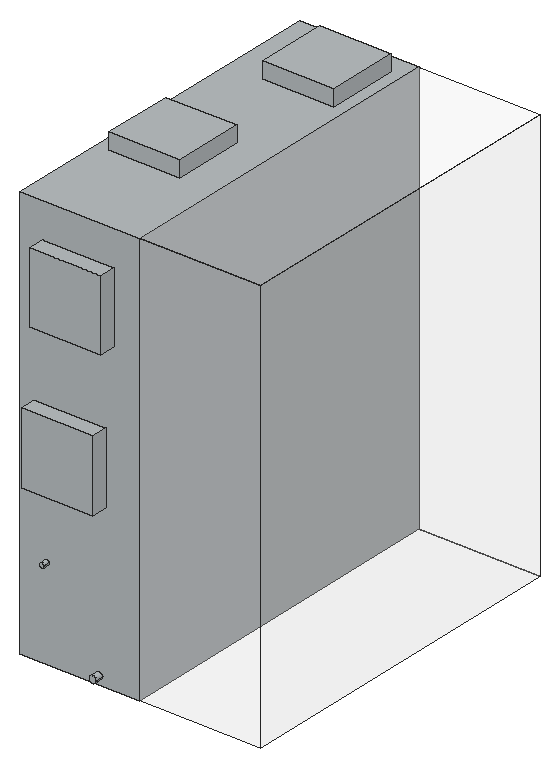
Revit family "lb-150_200kx5-50_50Hz", category 機械設備, Revit 2019
Family settings
  丸型コネクタ寸法 = 直径を使用
  パーツ タイプ = 標準
  OmniClass 番号 = 23.75.10.34.21
  OmniClass タイトル = Heat Exchangers for Ventilation Air
  作業面ベース = いいえ
  常に垂直 = はい
  ロード時にボイドで切り取り = いいえ
  共有 = いいえ
  部屋計算ポイント = はい
Parameters (values of type "LB-150KX5-50")
  騒音レベル(dB(A)) = 45
  風量 = 1500.0 m³/h
  面風速 = 3.4 m/s
  電源種別 [instance] = ""
  電圧 = 200 V
  電動機出力 = 0 W
  集中コントローラ = ""
  運転質量 = 0.00 kg
  連動 [instance] = ""
  質量 = if(製品質量 > 運転質量, 製品質量, 運転質量) * 1.2  # 450.00 kg
  負荷分類 = 3_ファン類
  説明 = "設備用ロスナイ 床置ビルトイン形加湿付"
  設計風量 = 0.0 m³/h
  設置方法 = "床置形"
  記号 [instance] = ""
  製造元 = "三菱電機株式会社"
  製品質量 = 375.00 kg
  製品出荷対象 = "国内"
  製品リリース年月 = "2018/7/25"
  製品グループ = ""
  給水管_W = 133 mm
  給水管_H = 452 mm
  給水管_Depth = 29 mm
  系統 [instance] = ""
  符号 = "HEU"
  積算_科目 = "1 空気調和設備"
  積算_拾い区分 [instance] = ""
  相 = 3
  盤記号 [instance] = ""
  発停方法 [instance] = ""
  特殊仕様 [instance] = ""
  火災停止 [instance] = ""
  温度交換効率 = 70.00%
  消費電力 = 1220 W
  法定耐用年数 = "15"
  機外静圧_排気 = 220.0 Pa
  機外静圧 = 220.0 Pa
  極数 = 3
  材質 [instance] = ""
  本体固定用穴ピッチ2 = 1680 mm
  本体固定用穴ピッチ1 = 460 mm
  本体固定用穴_径 = 20 mm
  本体マテリアル = 溶融亜鉛めっき鋼板
  有効加湿量 = 3.4
  操作・制御方式 = ""
  操作・制御スイッチ = ""
  排気量 = 0.0 m³/h
  形式 = "床置形"
  幹線記号 [instance] = ""
  対象室 [instance] = ""
  実風量 = 0.0 m³/h
  始動方式 [instance] = "直入"
  外気量 = 0.0 m³/h
  呼称 = "全熱交換ユニット"
  周波数 = 50 Hz
  参照している仕様書等のバージョン = "公共建築工事標準仕様書（機械設備工事編）平成31年度版"
  加湿給水管径 = 21.7 mm
  初期抵抗 = 0.0 Pa
  分類コード = "50052504100050"
  分類グループ = ""
  価格 = 3221000
  企業コード = "108420"
  付属品_フィルター_還気 = ""
  付属品_フィルター = ""
  付属品 [instance] = ""
  仕様書バージョン = "Version1.0"
  モデル = "LB-150KX5-50"
  メンテナンススペース = yes
  ドレン管径 = 34 mm
  ドレン管_W = 200 mm
  ドレン管_H = 41 mm
  ドレン管_Depth = 37 mm
  コメント [instance] = ""
  Keynote = ""
  エンタルピ交換効率_暖房 = 69.50%
  エンタルピ交換効率_冷房 = 67.00%
  Assembly Code = ""
  Width = 590 mm
  Version = ""
  Uniclass2015Version = "Systems v1.9"
  Uniclass2015Title = "Thermal wheels"
  Uniclass2015Code = "Pr_60_60_36_88"
  URL = "https://www.mitsubishielectric.co.jp/ldg/wink/ssl/displayProduct.do?pid=294046"
  SpecificationReference = ""
  SpecificationDescription = ""
  SAサイズ_W = 352 mm
  SAサイズ_D = 352 mm
  Revision = ""
  RAサイズ_W = 352 mm
  RAサイズ_D = 352 mm
  ProductInformation = ""
  OmniClassCode = "23-27 23 19 11"
  OAサイズ_W = 352 mm
  OAサイズ_D = 352 mm
  MIN風量 = 0.0 m³/h
  MIN静圧 = 0.0 Pa
  MID風量 = 0.0 m³/h
  MID静圧 = 0.0 Pa
  MAX風量 = 1500.0 m³/h
  MAX静圧 = 220.0 Pa
  IfcTypeProduct = ""
  IfcProduct = ""
  IfcExportType = "ROTARYWHEEL"
  IfcExportAs = "IfcAirToAirHeatRecoveryType"
  Height = 2047 mm
  EAサイズ_W = 352 mm
  EAサイズ_D = 352 mm
  Duct_SA_W = 165 mm
  Duct_SA_H = 798 mm
  Duct_RA_W = 125 mm
  Duct_RA_H = 372 mm
  Duct_OA_W = 174 mm
  Duct_OA_D = 458 mm
  Duct_Height = 80 mm
  Duct_EA_W = 61 mm
  Duct_EA_D = 98 mm
  Depth = 1730 mm
  Clearance Top = 0 mm
  Clearance Right = 600 mm
  Clearance Left = 0 mm
  Clearance Front = 0 mm
  Clearance Bottom = 0 mm
  Clearance Back = 0 mm
  Author = "三菱電機株式会社"
Types (2, lengths in mm): name | 騒音レベル(dB(A)) | 風量 | 面風速 | 質量 | 製品質量 | 消費電力 | 機外静圧_排気 | 機外静圧 | 有効加湿量 | 価格 | モデル | エンタルピ交換効率_暖房 | URL | SAサイズ_D | RAサイズ_W | OAサイズ_W | MAX風量 | MAX静圧 | EAサイズ_W | Duct_SA_H | Duct_RA_W | Duct_OA_W
  LB-150KX5-50 | 45 | 1500.0 m³/h | 3.4 m/s | 450.00 kg | 375.00 kg | 1220 W | 220.0 Pa | 220.0 Pa | 3.4 | 3221000 | "LB-150KX5-50" | 69.50% | "https://www.mitsubishielectric.co.jp/ldg/wink/ssl/displayProduct.do?pid=294046" | 352 | 352 | 352 | 1500.0 m³/h | 220.0 Pa | 352 | 798 | 125 | 174
  LB-200KX5-50 | 46 | 2000.0 m³/h | 3.53 m/s | 462.00 kg | 385.00 kg | 1625 W | 200.0 Pa | 200.0 Pa | 4.6 | 4142000 | "LB-200KX5-50" | 69.00% | "https://www.mitsubishielectric.co.jp/ldg/wink/ssl/displayProduct.do?pid=294048" | 452 | 452 | 452 | 2000.0 m³/h | 200.0 Pa | 452 | 698 | 74 | 74
Reference planes
  plane 1 "中心(正面/背面)": y = 0
  plane 2: z = 0
  plane 3 "中心(左/右)": x = 0
  plane 4: x = 295
  plane 5: y = 865
  plane 6: y = -865
  plane 7: x = -295
  plane 8: y = -219
  plane 9: y = 591
  plane 10: y = -43
  plane 11: y = -395
  plane 12: y = 767
  plane 13: y = 415
  plane 14: x = -231
  plane 15: x = 121
  plane 16: z = 2047
  plane 17: z = 2127
  plane 18: y = 840
  plane 19: y = -840
  plane 20: x = -230
  plane 21: x = 230
  plane 22: x = 895
  plane 23: x = -295
  plane 24: y = 865
  plane 25: y = -865
  plane 26: z = 2047
  plane 27: z = 0
  plane 28: x = 234
  plane 29: x = -118
  plane 30: z = 798
  plane 31: z = 1150
  plane 32: z = 1874
  plane 33: z = 1522
  plane 34: x = 130
  plane 35: x = -222
  plane 36: x = 170
  plane 37: x = -182
  plane 38: y = -945
  plane 39: x = 95
  plane 40: z = 41
  plane 41: x = -162
  plane 42: z = 452
  plane 43: y = -894
  plane 44: y = -902
Forms (mm)
  Extrusion 1, solid, material "溶融亜鉛めっき鋼板" <- "本体マテリアル", detail levels fine
    sketch origin (0, 0, 0) x (1, 0, 0) y (0, 1, 0)
      loop
        line (-295, 865) -> (-295, -865) -> (295, -865) -> (295, 865) -> (-295, 865)
    from 0 to 2047
  Extrusion 2, solid, material "溶融亜鉛めっき鋼板" <- "本体マテリアル", detail levels fine
    sketch origin (0, 0, 0) x (1, 0, 0) y (0, 1, 0)
      loop
        line (-118, 767) -> (-118, 415) -> (234, 415) -> (234, 767) -> (-118, 767)
      loop
        line (-231, -43) -> (-231, -395) -> (121, -395) -> (121, -43) -> (-231, -43)
    from 2047 to 2127
  Extrusion 3, solid, material "溶融亜鉛めっき鋼板" <- "本体マテリアル", detail levels fine
    sketch origin (0, 0, 0) x (1, 0, 0) y (0, 0, 1)
      loop
        line (130, 798) -> (130, 1150) -> (-222, 1150) -> (-222, 798) -> (130, 798)
      loop
        line (170, 1874) -> (-182, 1874) -> (-182, 1522) -> (170, 1522) -> (170, 1874)
    from 865 to 945
  Extrusion 4, solid, material "溶融亜鉛めっき鋼板" <- "本体マテリアル", detail levels fine
    sketch origin (0, 0, 0) x (1, 0, 0) y (0, 0, 1)
      loop
        circle (95, 41) r 17
    from 865 to 902
  Extrusion 5, solid, material "溶融亜鉛めっき鋼板" <- "本体マテリアル", detail levels fine
    sketch origin (0, 0, 0) x (1, 0, 0) y (0, 0, 1)
      loop
        circle (-162, 452) r 10.85
    from 865 to 894
Lines and regions (mm)
  Masking region 1, detail levels coarse+medium
    outline origin (1331.5, 88, 0) x (1, 0, 0) y (0, 1, 0)
      loop
        line (-1626.5, 777) -> (-1626.5, -953) -> (-1036.5, -953) -> (-1036.5, 777) -> (-1626.5, 777)
  symbolic lines, detail levels coarse+medium
    curve 1: line (0, 865, 0) -> (-295, 0, 0)
    curve 2: line (-295, 0, 0) -> (0, -865, 0)
    curve 3: line (0, -865, 0) -> (295, 0, 0)
    curve 4: line (0, 865, 0) -> (295, 0, 0)
Dimensions and locks
  equal spacing: plane 5, plane 1 "中心(正面/背面)", plane 6
  "Depth": plane 5 to plane 6
  equal spacing: plane 11, plane 8, plane 10
  "OAサイズ_D": plane 11 to plane 10
  equal spacing: plane 13, plane 9, plane 12
  "EAサイズ_D": plane 13 to plane 12
  "Duct_Height": plane 17 to plane 16
  equal spacing: plane 20, plane 3 "中心(左/右)", plane 21
  "本体固定用穴ピッチ1": plane 20 to plane 21
  "Clearance Right": plane 4 to plane 22
  "Clearance Left": plane 23 to plane 7
  "Clearance Back": plane 24 to plane 5
  "Clearance Front": plane 6 to plane 25
  "Clearance Top": plane 26 to plane 16
  "Clearance Bottom": level to plane 27
  equal spacing: plane 7, plane 3 "中心(左/右)", plane 4
  "Width": plane 7 to plane 4
  "Height": plane 26 to level
  "Duct_OA_D": plane 13 to plane 10
  "Duct_EA_D": plane 5 to plane 12
  "Duct_OA_W": plane 15 to plane 4
  "OAサイズ_W": plane 14 to plane 15
  "Duct_EA_W": plane 28 to plane 4
  "EAサイズ_W": plane 29 to plane 28
  "Duct_SA_H": plane 30 to level
  "SAサイズ_D": plane 31 to plane 30
  "Duct_RA_H": plane 33 to plane 31
  "RAサイズ_D": plane 32 to plane 33
  "Duct_SA_W": plane 4 to plane 34
  "SAサイズ_W": plane 34 to plane 35
  "RAサイズ_W": plane 36 to plane 37
  "Duct_RA_W": plane 4 to plane 36
  "Duct_Height": plane 6 to plane 38
  "ドレン管_W": plane 4 to plane 39
  "ドレン管_H": plane 40 to level
  "給水管_W": plane 41 to plane 7
  "給水管_H": plane 42 to level
  "給水管_Depth": plane 6 to plane 43
  "ドレン管_Depth": plane 6 to plane 44
  "本体固定用穴ピッチ2": plane 19 to plane 18
  equal spacing: plane 18, plane 1 "中心(正面/背面)", plane 19
  "ドレン管径": diameter of Extrusion 4 sketch curve
  "加湿給水管径": diameter of Extrusion 5 sketch curve
  aligned and locked: level to plane 2
  aligned and locked: Extrusion 1 sketch curve to plane 5
  aligned and locked: Extrusion 1 sketch curve to plane 6
  aligned and locked: Extrusion 2 sketch curve to plane 12
  aligned and locked: Extrusion 2 sketch curve to plane 13
  aligned and locked: Extrusion 2 sketch curve to plane 10
  aligned and locked: plane 14 to Extrusion 2 sketch curve
  aligned and locked: Extrusion 2 sketch curve to plane 11
  aligned and locked: plane 15 to Extrusion 2 sketch curve
  aligned and locked: Masking region 1 to plane 7
  aligned and locked: Masking region 1 to curve 1  (x2)
  aligned and locked: Masking region 1 to curve 2
  aligned and locked: plane 16 to Extrusion 1
  aligned and locked: plane 17 to Extrusion 2
  aligned and locked: Extrusion 2 to plane 16
  aligned and locked: plane 22 to nested 1
  aligned and locked: nested 1 to plane 25
  aligned and locked: nested 1 to plane 24
  aligned and locked: nested 1 to plane 26
  aligned and locked: nested 1 to plane 27
  aligned and locked: plane 19 to nested 2
  aligned and locked: plane 20 to nested 2
  aligned and locked: nested 2 to plane 21
  aligned and locked: plane 20 to nested 3
  aligned and locked: nested 3 to plane 21
  aligned and locked: nested 3 to plane 18
  aligned and locked: nested 1 to plane 23
  aligned and locked: plane 4 to Extrusion 1 sketch curve
  aligned and locked: Masking region 1 to curve 3
  aligned and locked: Masking region 1 to plane 4
  aligned and locked: plane 5 to Masking region 1
  aligned and locked: plane 6 to Masking region 1
  aligned and locked: Extrusion 1 to level
  aligned and locked: Extrusion 2 sketch curve to plane 28
  aligned and locked: plane 29 to Extrusion 2 sketch curve
  aligned and locked: plane 30 to Extrusion 3 sketch curve
  aligned and locked: Extrusion 3 sketch curve to plane 34
  aligned and locked: Extrusion 3 sketch curve to plane 31
  aligned and locked: plane 35 to Extrusion 3 sketch curve
  aligned and locked: plane 32 to Extrusion 3 sketch curve
  aligned and locked: plane 36 to Extrusion 3 sketch curve
  aligned and locked: Extrusion 3 sketch curve to plane 33
  aligned and locked: Extrusion 3 sketch curve to plane 37
  aligned and locked: Extrusion 3 to plane 38
  aligned and locked: Extrusion 3 to plane 6
  aligned and locked: Extrusion 5 to plane 43
  aligned and locked: Extrusion 5 to plane 6
  aligned and locked: Extrusion 4 to plane 6
  aligned and locked: Extrusion 4 to plane 44
Automatic sketch dimensions
  plane 4 to Masking region 1 sketch curve = 0 mm
  Masking region 1 sketch curve to plane 7 = 0 mm
  Extrusion 1 sketch curve to plane 7 = 0 mm
  Masking region 1 sketch curve to plane 5 = 0 mm
  Masking region 1 sketch curve to plane 6 = 0 mm
  plane 1 "中心(正面/背面)" to curve 1 = 0 mm
  curve 1 to plane 7 = 0 mm
  curve 2 to plane 3 "中心(左/右)" = 0 mm
  curve 4 to plane 3 "中心(左/右)" = 0 mm
  plane 1 "中心(正面/背面)" to curve 3 = 0 mm
  curve 3 to plane 6 = 0 mm
  Extrusion 4 sketch curve to plane 39 = 0 mm
  Extrusion 4 sketch curve to plane 40 = 0 mm
  Extrusion 5 sketch curve to plane 41 = 0 mm
  Extrusion 5 sketch curve to plane 42 = 0 mm
Nested families
  nested 1: "メンテナンススペース" at (300, 0, 1023.5), visible <- "メンテナンススペース", type "メンテナンススペース"
    with Width 1190 mm, Height 2047 mm, Depth 1730 mm
  nested 2: "固定点" at (-230, -840, 0), type "固定点"
    with W 460 mm, D 1000 mm
  nested 3: "固定点" at (-230, 840, 0), type "固定点"
    with W 460 mm, D 1000 mm
Connectors
  hvac at (-55, -219, 2127), driven by "OAサイズ_D", driven by "OAサイズ_W", driven by "機外静圧", driven by "外気量"
    settings: on Extrusion 2, index 3, duct flow 0.0 m³/h, flow factor 0, pres drop 220.0 Pa, loss coef 0, conn angle 0.00°, conn width 352 mm, conn height 352 mm, conn diameter 609.6 mm, duct sys type 4, conn prof type 1, flow config 0, flow direction 1, loss method 4, conn ref index -1, conn util no, is conn primary no, conn desc ""
  hvac at (58, 591, 2127), driven by "EAサイズ_D", driven by "EAサイズ_W", driven by "機外静圧_排気", driven by "排気量"
    settings: on Extrusion 2, index 4, duct flow 0.0 m³/h, flow factor 0, pres drop 220.0 Pa, loss coef 0, conn angle 0.00°, conn width 352 mm, conn height 352 mm, conn diameter 609.6 mm, duct sys type 3, conn prof type 1, flow config 0, flow direction 2, loss method 4, conn ref index -1, conn util no, is conn primary no, conn desc ""
  electrical at (295, 0, 1023.5), driven by "極数", driven by "負荷分類", driven by "電圧", driven by "消費電力"
    settings: on Extrusion 1, index 5, voltage 200 V, apparent load 1220 VA, apparent load phase1 0 VA, apparent load phase2 0 VA, apparent load phase3 0 VA, power factor 1, load classification "3_ファン類", number of poles 3, system type 30, power factor state 1, is connector primary yes, connector utility no, sub classification motor no, connector description ""
  hvac at (-46, -945, 974), driven by "SAサイズ_D", driven by "SAサイズ_W", driven by "機外静圧", driven by "風量"
    settings: on Extrusion 3, index 6, duct flow 1500.0 m³/h, flow factor 0, pres drop 220.0 Pa, loss coef 0, conn angle 0.00°, conn width 352 mm, conn height 352 mm, conn diameter 609.6 mm, duct sys type 1, conn prof type 1, flow config 0, flow direction 2, loss method 4, conn ref index -1, conn util no, is conn primary yes, conn desc ""
  hvac at (-6, -945, 1698), driven by "RAサイズ_D", driven by "RAサイズ_W", driven by "機外静圧", driven by "風量"
    settings: on Extrusion 3, index 7, duct flow 1500.0 m³/h, flow factor 0, pres drop 220.0 Pa, loss coef 0, conn angle 0.00°, conn width 352 mm, conn height 352 mm, conn diameter 609.6 mm, duct sys type 2, conn prof type 1, flow config 0, flow direction 1, loss method 4, conn ref index -1, conn util no, is conn primary no, conn desc ""
  piping at (-162, -894, 452), diameter 21.7, driven by "加湿給水管径"
    settings: on Extrusion 5, index 8, connector inside diameter 609.6 mm, connector length 0 mm, flow factor 0, pipe flow 0.0 L/s, pressure drop 0.0 Pa, fitting loss kfactor 0, connector angle 0.00°, fixture units 0, engagement length 0 mm, angle of deflection 0.00°, flow configuration 0, flow direction 1, fitting loss method 0, system type 20, joint type 0, gender type 0, connector reference index -1, connector utility 0, adjustable connector no, is connector primary yes, connector description ""
  piping at (95, -902, 41), diameter 34, driven by "ドレン管径"
    settings: on Extrusion 4, index 9, connector inside diameter 609.6 mm, connector length 0 mm, flow factor 0, pipe flow 0.0 L/s, pressure drop 0.0 Pa, fitting loss kfactor 0, connector angle 0.00°, fixture units 0, engagement length 0 mm, angle of deflection 0.00°, flow configuration 0, flow direction 2, fitting loss method 0, system type 16, joint type 0, gender type 0, connector reference index -1, connector utility 0, adjustable connector no, is connector primary no, connector description ""
Definition of nested family "メンテナンススペース"
  Parameters (values of type "メンテナンススペース")
    Width [instance] = 500 mm
    Height [instance] = 500 mm
    Depth [instance] = 500 mm
  Reference planes
    plane 1 "中心(正面/背面)": y = 0
    plane 2: z = 0
    plane 3 "中心(左/右)": x = 0
    plane 4: y = -250
    plane 5: x = 250
    plane 6: y = 250
    plane 7: x = -250
    plane 8: z = 250
    plane 9: z = -250
  Forms (mm)
    Extrusion 1, solid
      sketch origin (-638.939, 0, 72.39) x (1, 0, 0) y (0, 1, 0)
        loop
          line (388.939, 250) -> (388.939, -250) -> (888.939, -250) -> (888.939, 250) -> (388.939, 250)
      from -322.39 to 177.61
  Lines and regions (mm)
    symbolic lines
      curve 1: line (-250, 0, 250) -> (250, 0, 250)
      curve 2: line (-250, 0, -250) -> (-250, 0, 250)
      curve 3: line (250, 0, -250) -> (-250, 0, -250)
      curve 4: line (250, 0, 250) -> (250, 0, -250)
      curve 5: line (0, -250, 250) -> (0, 250, 250)
      curve 6: line (0, -250, -250) -> (0, -250, 250)
      curve 7: line (0, 250, -250) -> (0, -250, -250)
      curve 8: line (0, 250, 250) -> (0, 250, -250)
      curve 9: line (-250, 250, 0) -> (250, 250, 0)
      curve 10: line (-250, -250, 0) -> (-250, 250, 0)
      curve 11: line (250, -250, 0) -> (-250, -250, 0)
      curve 12: line (250, 250, 0) -> (250, -250, 0)
  Dimensions and locks
    equal spacing: plane 7, plane 3 "中心(左/右)", plane 5
    equal spacing: plane 4, plane 1 "中心(正面/背面)", plane 6
    "Depth": plane 4 to plane 6
    "Width": plane 7 to plane 5
    equal spacing: plane 8, plane 2, plane 9
    "Height": plane 8 to plane 9
    aligned and locked: plane 9 to curve 3
    aligned and locked: plane 7 to curve 2
    aligned and locked: curve 4 to plane 5
    aligned and locked: plane 5 to Extrusion 1
    aligned and locked: Extrusion 1 to plane 7
    aligned and locked: Extrusion 1 to plane 9
    aligned and locked: plane 8 to Extrusion 1
    aligned and locked: plane 9 to curve 7
  Automatic sketch dimensions
    plane 4 to Extrusion 1 sketch curve = 0 mm
    Extrusion 1 sketch curve to plane 7 = 0 mm
    Extrusion 1 sketch curve to plane 5 = 0 mm
    plane 6 to Extrusion 1 sketch curve = 0 mm
    curve 2 to plane 8 = 0 mm
    plane 4 to curve 11 = 0 mm
    curve 11 to plane 7 = 0 mm
    curve 11 to plane 5 = 0 mm
    plane 6 to curve 10 = 0 mm
    curve 7 to plane 4 = 0 mm
    curve 7 to plane 6 = 0 mm
    curve 6 to plane 8 = 0 mm
Definition of nested family "固定点"
  Parameters (values of type "固定点")
    中心円 = 20 mm
    W [instance] = 1000 mm
    D [instance] = 1000 mm
  Reference planes
    plane 1 "中心(正面/背面)": y = 0
    plane 2: z = 0
    plane 3 "中心(左/右)": x = 0
    plane 4: x = 1000
  Lines and regions (mm)
    symbolic lines, detail levels fine
      curve 1: circle (0, 0, 0) r 10 normal (0, 0, 1)
      curve 2: circle (1000, 0, 0) r 10 normal (0, 0, 1)
      curve 3: line (-200, 0, 0) -> (1200, 0, 0)
      curve 4: line (0, 200, 0) -> (0, -200, 0)
      curve 5: line (1000, 200, 0) -> (1000, -200, 0)
  Dimensions and locks
    "W": plane 3 "中心(左/右)" to plane 4
    "中心円": diameter of curve 1
    "中心円": diameter of curve 2
    aligned and locked: level to plane 2
    aligned and locked: plane 3 "中心(左/右)" to curve 1
    aligned and locked: plane 1 "中心(正面/背面)" to curve 1
    aligned and locked: plane 1 "中心(正面/背面)" to curve 2
    aligned and locked: plane 4 to curve 2
    aligned and locked: plane 1 "中心(正面/背面)" to curve 3
    aligned and locked: curve 4 to plane 3 "中心(左/右)"
    aligned and locked: curve 5 to plane 4
  Automatic sketch dimensions
    curve 3 to plane 3 "中心(左/右)" = 200 mm
    curve 2 to curve 3 = 200 mm
    plane 1 "中心(正面/背面)" to curve 4 = 200 mm
    plane 1 "中心(正面/背面)" to curve 5 = 200 mm
    curve 5 to plane 1 "中心(正面/背面)" = 200 mm
    curve 4 to plane 1 "中心(正面/背面)" = 200 mm
